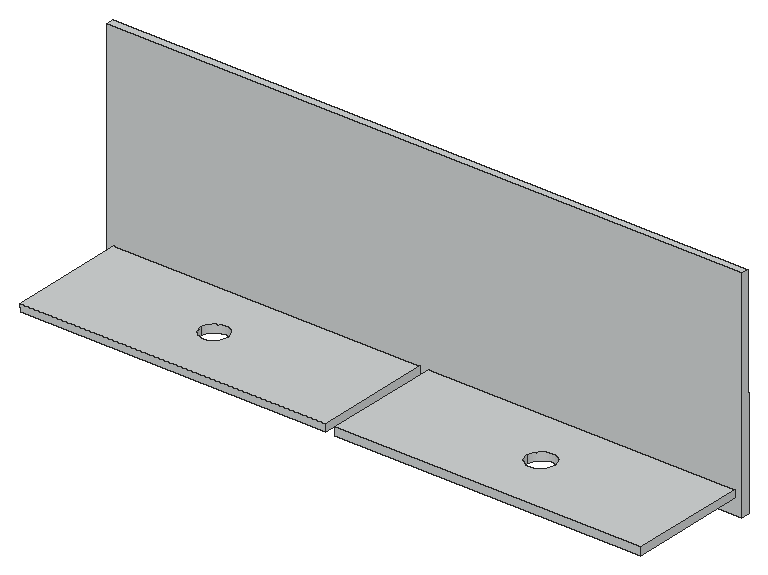
Revit family "Specialty_Equipment-Metal_Raceway-Hubbell_Wiring-Entrance_End_Fitting-HBLALU5010B2", category Specialty Equipment, host Face, Revit 2015
Parameters
  URL = "http://www.hubbell-wiring.com/"
  Product data url = "https://bimobject.com/hubbellwiring/product/hubbell-metal-raceway-alu5000"
  Product Page URL = "http://ecatalog.hubbell-wiring.com/ProductInformation/ViewCatalog.aspx?Dest=hubbell-wiring.com/press/catalog/r.pdf"
  Product Documentation Link = "http://www.hubbell-wiring.com/press/pdfs/h5233r08.pdf"
  Model = "HBLALU5010B2"
  Manufacturer = "Hubbell Wiring Device Kellems"  # constant formula
  Host Note = "Add in Section View; Host to Wall"  # constant formula
  Description = "Entrance End Fitting"  # constant formula
  Default Elevation = 0.00"
  Cable Tray Material = Metal-Hubbell-Aluminium
  B = 1.75"
  Assembly Code = "D5090900"
  A = 5.08"
Reference planes (in)
  plane 1 "Outside": y = 0
  plane 2 "Wall": z = 0
  plane 3 "Left": x = -0.165
  plane 4 "Right": x = 4.915
  plane 5 "Center": x = 2.375
  plane 6 "Edge of Top": y = -0.0625
  plane 7 "Edge Of Base": y = -1.34715
  plane 8: z = 0.12
  plane 9: z = 1.44937
  plane 10: z = 1.75
  plane 11: z = 0.18
  plane 12: x = -0.105
  plane 13: x = 4.855
  plane 14: y = -1
  plane 15: y = -0.53
  plane 16: x = 1.0693
  plane 17: x = 3.6807
Forms (in)
  Extrusion 1, solid, material "Metal-Hubbell-Aluminium" <- "Cable Tray Material"
    sketch origin (0, 0, 0) x (1, 0, 0) y (0, 0, 1)
      loop
        line (-0.165, 0) -> (4.915, 0) -> (4.915, 1.75) -> (-0.165, 1.75) -> (-0.165, 0)
    from 0 to 0.0625
  Extrusion 2, solid, material "Metal-Hubbell-Aluminium" <- "Cable Tray Material"
    sketch origin (0, 0, 0) x (1, 0, 0) y (0, 0, 1)
      loop
        line (-0.105, 0.12) -> (4.855, 0.12) -> (4.855, 0.18) -> (-0.105, 0.18) -> (-0.105, 0.12)
    from 0 to 1
  Extrusion 3, void, detail levels medium+fine
    sketch origin (-1.655, 0, 0) x (1, 0, 0) y (0, 1, 0)
      loop
        circle (2.7243, -0.53) r 0.108
    from 0.12 to 0.18
  Extrusion 4, void, detail levels medium+fine
    sketch origin (6.405, 0, 0) x (-1, 0, 0) y (0, -1, 0)
      loop
        circle (2.7243, 0.53) r 0.11
    from 0.12 to 0.18
  Extrusion 5, void
    sketch origin (0, 0, 0) x (1, 0, 0) y (0, 1, 0)
      loop
        line (2.3393, -0.0625) -> (2.3393, -1) -> (2.4107, -1) -> (2.4107, -0.0625) -> (2.3393, -0.0625)
    from 0.12 to 0.18
Cuts and joins
  Extrusion 4, Extrusion 5 cuts Extrusion 1
  Extrusion 3, Extrusion 4, Extrusion 5 cuts Extrusion 2
  joined: Extrusion 1, Extrusion 2
Lines and regions (in)
  reference lines
    curve 1: line (-0.165, 0, 1.75) -> (4.915, 0, 1.75)
    curve 2: line (-0.165, 0, 0) -> (-0.165, 0, 1.75)
    curve 3: line (4.915, 0, 0) -> (-0.165, 0, 0)
    curve 4: line (4.915, 0, 1.75) -> (4.915, 0, 0)
    curve 5: line (-0.105, 0, 0.18) -> (4.855, 0, 0.18)
    curve 6: line (-0.105, 0, 0.12) -> (-0.105, 0, 0.18)
    curve 7: line (4.855, 0, 0.12) -> (-0.105, 0, 0.12)
    curve 8: line (4.855, 0, 0.18) -> (4.855, 0, 0.12)
  symbolic lines
    curve 9: line (4.915, 0, 1.75) -> (-0.165, 0, 1.75)
    curve 10: line (-0.165, 0, 1.75) -> (-0.165, 0, 0)
    curve 11: line (-0.165, 0, 0) -> (4.915, 0, 0)
    curve 12: line (4.915, 0, 0) -> (4.915, 0, 1.75)
    curve 15: line (-0.165, 0, 0) -> (-0.165, 0, 1.75)
    curve 16: line (-0.165, -0.0625, 1.75) -> (-0.165, -0.0625, 0)
    curve 17: line (-0.165, 0, 1.75) -> (-0.165, -0.0625, 1.75)
    curve 18: line (-0.165, -0.0625, 0) -> (-0.165, 0, 0)
    curve 19: line (-0.165, -1, 0.12) -> (-0.165, 0, 0.12)
    curve 20: line (-0.165, 0, 0.18) -> (-0.165, -1, 0.18)
    curve 21: line (-0.165, -1, 0.18) -> (-0.165, -1, 0.12)
  symbolic lines, detail levels fine
    curve 13: line (-0.105, 0, 0.18) -> (-0.105, 0, 0.12)
    curve 14: line (4.855, 0, 0.12) -> (4.855, 0, 0.18)
    curve 33: line (-0.105, 0, 0.12) -> (4.855, 0, 0.12)
  symbolic lines, style "Symbolic lines"
    curve 22: line (4.915, 0, 0) -> (-0.165, 0, 0)
    curve 23: line (-0.165, -0.0625, 0) -> (4.915, -0.0625, 0)
    curve 24: line (-0.165, 0, 0) -> (-0.165, -0.0625, 0)
    curve 25: line (4.915, -0.0625, 0) -> (4.915, 0, 0)
    curve 26: line (4.855, -1, 0) -> (4.855, 0, 0)
    curve 27: line (-0.105, -1, 0) -> (4.855, -1, 0)
    curve 28: line (-0.105, 0, 0) -> (-0.105, -1, 0)
  symbolic lines, style "Symbolic lines", detail levels medium+fine
    curve 29: circle (1.0693, -0.53, 0) r 0.108 normal (0, 0, 1)
    curve 30: circle (3.6807, -0.53, 0) r 0.11 normal (0, 0, -1)
    curve 36: line (2.3393, -0.0625, 0) -> (2.3393, -1, 0)
    curve 37: line (2.4107, -1, 0) -> (2.4107, -0.0625, 0)
  symbolic lines, detail levels medium+fine
    curve 31: line (-0.105, 0, 0.18) -> (-0.105, 0, 0.12)
    curve 32: line (4.855, 0, 0.18) -> (-0.105, 0, 0.18)
    curve 34: line (-0.105, 0, 0.12) -> (4.855, 0, 0.12)
    curve 35: line (4.855, 0, 0.12) -> (4.855, 0, 0.18)
  model lines, style "HBLALU4810B2", detail levels medium+fine
    curve 38: arc (1.17808, -0.0625, 0.86263) -> (1.1263, -0.0625, 1.35721) -> (1.07451, -0.0625, 0.86263) r 0.25
    curve 39: arc (1.17808, -0.0625, 0.73075) -> (1.1263, -0.0625, 1.48721) -> (1.07451, -0.0625, 0.73075) r 0.38
    curve 40: line (1.07451, -0.0625, 0.73075) -> (1.07451, -0.0625, 0.86263)
    curve 41: line (1.17808, -0.0625, 0.73075) -> (1.17808, -0.0625, 0.86263)
    curve 42: arc (3.65607, -0.0625, 0.86263) -> (3.70785, -0.0625, 1.35721) -> (3.75963, -0.0625, 0.86263) r 0.25
    curve 43: arc (3.65607, -0.0625, 0.73075) -> (3.70785, -0.0625, 1.48721) -> (3.75963, -0.0625, 0.73075) r 0.38
    curve 44: line (3.75963, -0.0625, 0.73075) -> (3.75963, -0.0625, 0.86263)
    curve 45: line (3.65607, -0.0625, 0.73075) -> (3.65607, -0.0625, 0.86263)
Dimensions and locks (in)
  locked: plane 6 "Edge of Top" to plane 1 "Outside" at 0.0625
  plane 7 "Edge Of Base" to plane 6 "Edge of Top" to plane 1 "Outside" = 1.28465" locked, 0.0625" locked
  equal spacing: plane 4 "Right", plane 5 "Center", plane 3 "Left"
  "B": plane 10 to host face
  locked: plane 8 to host face at 0.12
  locked: plane 11 to plane 8 at 0.06
  locked: plane 12 to plane 3 "Left" at 0.06
  locked: plane 4 "Right" to plane 13 at 0.06
  plane 14 to plane 1 "Outside" = 1.00"
  locked: plane 1 "Outside" to plane 14 at 1
  locked: plane 15 to plane 14 at 0.47
  "A": plane 4 "Right" to plane 3 "Left"
  plane 16 to plane 17 = 2.6114"
  plane 16 to plane 5 "Center" = 1.3057"
  plane 5 "Center" to plane 17 = 1.3057"
  equal spacing: Extrusion 5 sketch curve, plane 5 "Center", Extrusion 5 sketch curve
  locked: Extrusion 3 sketch curve to plane 16 at 0
  locked: Extrusion 3 sketch curve to plane 15 at 0
  locked: Extrusion 4 sketch curve to plane 17 at 0
  locked: Extrusion 4 sketch curve to plane 15 at 0
  aligned and locked: plane 2 "Wall" to host face
  aligned and locked: level to host face
  aligned and locked: plane 10 to curve 1
  aligned and locked: plane 3 "Left" to curve 2
  aligned and locked: level to curve 3
  aligned and locked: curve 4 to plane 4 "Right"
  aligned and locked: Extrusion 1 sketch curve to curve 2
  aligned and locked: Extrusion 1 sketch curve to curve 1
  aligned and locked: Extrusion 1 sketch curve to curve 4
  aligned and locked: Extrusion 1 sketch curve to curve 3
  aligned and locked: curve 5 to plane 11
  aligned and locked: plane 8 to curve 7
  aligned and locked: curve 8 to plane 13
  aligned and locked: plane 12 to curve 6
  aligned and locked: Extrusion 2 sketch curve to curve 6
  aligned and locked: Extrusion 2 sketch curve to curve 5
  aligned and locked: Extrusion 2 sketch curve to curve 7
  aligned and locked: Extrusion 2 sketch curve to curve 8
  aligned and locked: Extrusion 1 to plane 6 "Edge of Top"
  aligned and locked: Extrusion 2 to plane 14
  aligned and locked: curve 9 to Extrusion 1
  aligned and locked: curve 10 to Extrusion 1
  aligned and locked: curve 11 to Extrusion 1
  aligned and locked: curve 12 to Extrusion 1
  aligned and locked: curve 13 to Extrusion 2
  aligned and locked: curve 14 to Extrusion 2
  aligned and locked: curve 15 to Extrusion 1
  aligned and locked: curve 16 to Extrusion 1
  aligned and locked: curve 17 to Extrusion 1
  aligned and locked: curve 18 to Extrusion 1
  aligned and locked: curve 19 to Extrusion 2
  aligned and locked: curve 20 to Extrusion 2
  aligned and locked: curve 22 to Extrusion 1
  aligned and locked: curve 23 to Extrusion 1
  aligned and locked: curve 24 to Extrusion 1
  aligned and locked: curve 25 to Extrusion 1
  aligned and locked: curve 26 to Extrusion 2
  aligned and locked: curve 27 to Extrusion 2
  aligned and locked: curve 28 to Extrusion 2
  aligned and locked: Extrusion 3 to plane 8
  aligned and locked: plane 11 to Extrusion 3
  aligned and locked: curve 29 to cut or joined group of Extrusion 1, Extrusion 2, Extrusion 3, Extrusion 4, Extrusion 5
  aligned and locked: curve 32 to cut or joined group of Extrusion 1, Extrusion 2, Extrusion 3, Extrusion 4, Extrusion 5
  aligned and locked: curve 33 to cut or joined group of Extrusion 1, Extrusion 2, Extrusion 3, Extrusion 4, Extrusion 5
  aligned and locked: cut or joined group of Extrusion 1, Extrusion 2, Extrusion 3, Extrusion 4, Extrusion 5 to Extrusion 5 sketch curve
  aligned and locked: Extrusion 5 sketch curve to cut or joined group of Extrusion 1, Extrusion 2, Extrusion 3, Extrusion 4, Extrusion 5
  aligned and locked: Extrusion 2 to Extrusion 5  (x2)
  aligned and locked: curve 36 to cut or joined group of Extrusion 1, Extrusion 2, Extrusion 3, Extrusion 4, Extrusion 5
  aligned and locked: curve 37 to cut or joined group of Extrusion 1, Extrusion 2, Extrusion 3, Extrusion 4, Extrusion 5
Automatic sketch dimensions
  host sketch curve to host sketch curve = 19.13682"
  host sketch curve to host sketch curve = 19.57141"
  curve 21 to plane 14 = 0.00"
  Extrusion 5 sketch curve to plane 5 "Center" = 0.0357"
  curve 30 to plane 15 = 0.00"
  curve 30 to plane 17 = 0.00"
  curve 38 to curve 39 = 0.00"  (x2)
  curve 42 to curve 43 = 0.00"  (x2)
  curve 40 to Extrusion 1 = 1.23951"
  curve 38 to curve 39 = 0.05178"
  curve 38 to curve 38 = 0.10357"
  curve 45 to Extrusion 1 = 1.25893"
  curve 42 to curve 42 = 0.05178"
  curve 42 to curve 44 = 0.10357"
  curve 45 to Extrusion 1 = 0.73075"
  curve 41 to Extrusion 1 = 0.73075"
  curve 39 to curve 41 = 0.13188"
  curve 43 to curve 42 = 0.13188"
  curve 38 to curve 39 = 0.24458"
  curve 42 to curve 42 = 0.24458"
  radius of Extrusion 3 sketch curve = 0.108"
  radius of Extrusion 4 sketch curve = 0.11"
  radius of curve 30 = 0.11"
